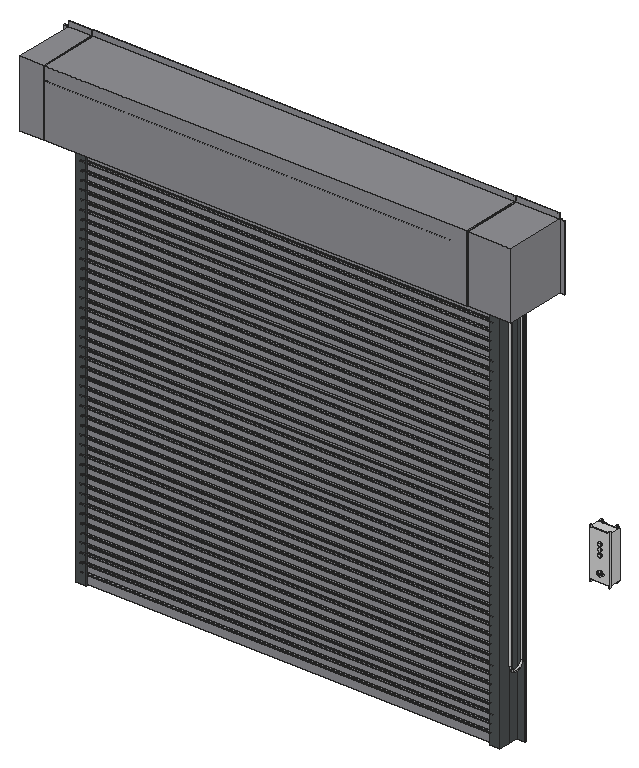
Revit family "EverServe-HD-Rolling-Steel-Service-Doors_OHD_Model-620S_compact", category Specialty Equipment, host Wall, Revit 2023
Family settings
  Host = Wall
  Round Connector Dimension = Use Diameter
  Part Type = Normal
  OmniClass Number = 23.30.10.21.34
  OmniClass Title = Industrial Doors
  Enable Cutting in Views = No
  Always vertical = Yes
  Cut with Voids When Loaded = Yes
  Maintain Annotation Orientation = No
  Shared = No
  Room Calculation Point = No
Parameters (values of type "208 volts, one phase, 60 Hz (208-240V range)")
  Warning Sign [instance] = if(Calculated Area > 683.00 SF, 1 = 1, 1 = 2)  # no
  Warning (Note) [instance] = if(Warning Sign, "The Door Area is out of the limit; please adjust accordingly. The maximum allowed area is 683 sq. ft.", if(Opening Height > 360", "Headroom Clearance Dimensions - out of the limits. Consult Factory", " "))  # " "
  Wall Thickness [instance] = 6"
  Voltage = 208 V
  Version = "1.00.01"  # constant formula
  True Opening Width [instance] = Clear Width  # 120"
  True Opening Height [instance] = Clear Height  # 120"
  Slat Type [instance] = if(Slat Option < 2, "C-187", if(Slat Option = 2, "C-275", if(Slat Option = 3, "F-265", "FE-265")))  # "F-265"
  Slat Option [instance] = 3  # constant formula
  Slat Length [instance] = Clear Width + G Value * 2 - 1" / 2 * 2  # 126"
  Slat Height [instance] = if(Slat < 2, 11 9/32", if(Slat = 2, 13 3/4", 13 19/128"))  # 13 19/128"
  Slat [instance] = if(Slat Option < 2, 1, if(Slat Option = 2, 2, if(Slat Option = 3, 3, 4)))  # 3
  Product Page URL = "https://www.overheaddoor.com/rolling-steel-service-doors-620S"
  Power Factor = 1
  Powder Coat (Note) = "PowderGuard® Premium powder coat finish options are available in approximately 200 colors as well as custom matching to specification. PowderGuard® Textured finish, a thicker, more scratch resistant coat, is available in 11 colors providing enhanced scratch resistance as well as aiding in hiding the dirt and blemishes that often occur in commercial environments.​"  # constant formula
  Opening Width Real [instance] = if(Opening Width > Max Opening Width, Max Opening Width, if(Opening Width < Min Opening Width, Min Opening Width, Opening Width))  # 120"
  Opening Width [instance] = 120"
  Opening Height Real [instance] = if(Opening Height > Max Opening Height, Max Opening Height, if(Opening Height < Min Opening Height, Min Opening Height, Opening Height))  # 120"
  Opening Height [instance] = 120"
  One Array element [instance] = not(Array Vis)  # no
  Number of Poles = 1
  Motor Position [instance] = M Value - G Value  # 2 3/4"
  Min Opening Width [instance] = 18"  # constant formula
  Min Opening Height [instance] = 24"  # constant formula
  Max Opening Width [instance] = 360"  # constant formula
  Max Opening Height [instance] = 240"  # constant formula
  Material Finish [instance] = 620S : Standard - Gray
  M Value [instance] = if(or(Opening Width < 108", Opening Width = 108"), 5 3/4", if(or(Opening Width < 180", Opening Width = 180"), 6 1/4", if(or(Opening Width < 240", Opening Width = 240"), 7 1/4", 9 1/4")))  # 6 1/4"
  Installation Real [instance] = Wall Thickness  # 6"
  Hood Type [instance] = "Square Hood"  # constant formula
  Hood Offset [instance] = 4"  # constant formula
  Hood Material [instance] = Metal - Overhead Door - Gray
  Hood Height [instance] = A Value + 2"  # 20"
  Headroom Height Real [instance] = Hood Offset + Hood Height  # 24"
  Headroom Height [instance] = Headroom Height Real + 1 1/2"  # 25 1/2"
  HC 4 [instance] = if(or(Clear Height < 84", Clear Height = 84"), 16", if(or(Clear Height < 132", Clear Height = 132"), 18", if(or(Clear Height < 192", Clear Height = 192"), 20", 22")))  # 18"
  HC 3 [instance] = if(or(Clear Height < 108", Clear Height = 108"), 16", if(or(Clear Height < 168", Clear Height = 168"), 18", 20"))  # 18"
  HC 2 [instance] = if(or(Clear Height < 60", Clear Height = 60"), 14", if(or(Clear Height < 120", Clear Height = 120"), 16", if(or(Clear Height < 180", Clear Height = 180"), 18", 20")))  # 16"
  HC 1 [instance] = if(or(Clear Height < 96", Clear Height = 96"), 14", if(or(Clear Height < 168", Clear Height = 168"), 16", 18"))  # 16"
  Guide Type [instance] = "Angled Z Guide"  # constant formula
  Guid Depth [instance] = D Value  # 6 1/4"
  G Value [instance] = if(or(Opening Width < 108", Opening Width = 108"), 3", if(or(Opening Width < 180", Opening Width = 180"), 3 1/2", if(or(Opening Width < 240", Opening Width = 240"), 4", 5 9/16")))  # 3 1/2"
  Frequency = 60 Hz
  Face of Wall Offset [instance] = 5"  # constant formula
  Door Width True [instance] = Clear Width + M Value * 2  # 132 1/2"
  Door Width (Real) [instance] = Clear Width + 1"  # 121"
  Door Height True [instance] = Clear Width + Headroom Height  # 145 1/2"
  Door Height (Real) [instance] = Clear Height + Hood Offset  # 124"
  URL = "https://www.overheaddoor.com/"
  Product data url = "https://www.bimobject.com/overhead-door/product/everserve-hd-rolling-steel-service-doors-620S"
  Product Guid = "35622724-1bf1-4ce0-b9ef-a59f8e9f8129"
  Model = "620S"  # constant formula
  Manufacturer = "Overhead Door Corporation"  # constant formula
  Wall Closure = By host
  Floor To (CL) of Shaft [instance] = Clear Height + Hood Height / 2 + Hood Offset  # 134"
  Finish Material = Finish - Overhead Door - Black
  Description = "Everserve Model 620S Springless service door"  # constant formula
  Default Elevation = 0"
  Date Updated = "2026/05/29"  # constant formula
  D Value [instance] = if(or(Opening Width < 108", Opening Width = 108"), 5 11/16", if(or(Opening Width < 180", Opening Width = 180"), 6 1/4", if(or(Opening Width < 240", Opening Width = 240"), 6 3/16", 7 1/16")))  # 6 1/4"
  Clear Width [instance] = Opening Width Real  # 120"
  Clear Height [instance] = Opening Height Real  # 120"
  Current = 20 A
  BimObject_Variable_Connectors = "No"  # constant formula
  Backroom Depth [instance] = A Value + 1/2"  # 18 1/2"
  BJ Displacement Real [instance] = 0"  # constant formula
  Array Vis [instance] = if(Array < 2, 1 = 2, 1 = 1)  # yes
  Array Real [instance] = if(Array < 2, 2, Array)  # 10
  Array Length [instance] = (Array) * Slat Height  # 131 31/64"
  Array [instance] = rounddown(([Door Height (Real)] - 3") / Slat Height) + 1  # 10
  Calculated Area [instance] = [Door Width (Real)] * [Door Height (Real)]  # 104.194 SF
  Apparent Load Phase 3 = if(Number of Poles = 1, 0 VA, (Voltage * Current * sqrt(3)) / 3)  # 0 VA
  Apparent Load Phase 2 = if(Number of Poles = 1, 0 VA, (Voltage * Current * sqrt(3)) / 3)  # 0 VA
  Apparent Load Phase 1 = if(Number of Poles = 1, Voltage * Current, (Voltage * Current * sqrt(3)) / 3)  # 4160 VA
  A Value [instance] = if(Slat = 1, HC 1, if(Slat = 2, HC 2, HC 3))  # 18"
Reference planes (in)
  plane 1 "Center (Front/Back)": y = -14.625
  plane 2 "Center (Left/Right)": x = 0
  plane 3 "Left": x = -60
  plane 4 "Right": x = 60
  plane 5 "Exterior": y = -8.625
  plane 6 "Interior": y = -14.625
  plane 7: x = 66.25
  plane 8: x = -66.25
  plane 9: z = 120
  plane 10 "Main": y = -20.23437
  plane 11 "Backroom Depth": y = -32.125
  plane 12 "Main Door Block": y = -13.625
  plane 13 "Bottom Bar": z = 2.75
  plane 14: y = -20.875
  plane 15: z = 134.23438
  plane 16: z = 144
  plane 17: z = 124
  plane 18: z = 145.5
  plane 19: z = 0
  plane 20: z = 60
  plane 21: y = -20.0625
  plane 22: y = 18.375
  plane 23: y = -41.625
  plane 24 "Double Main": y = -19.656
  plane 25 "Headroom Top": z = 145.5
  plane 26: z = 134
  plane 27: x = 63.5
  plane 28: x = -63.5
  plane 29: z = 121.08594
  plane 30: y = -20.0625
  plane 31: z = 2.75
  plane 32: y = -20.0625
  plane 33: z = 121.08594
  plane 34: y = -20.0625
  plane 35: z = 15.89844
  plane 36: y = -20.0625
  plane 37: z = 29.04688
  plane 38: y = -20.0625
  plane 39: z = 42.19531
  plane 40: y = -20.0625
  plane 41: z = 55.34375
  plane 42: y = -20.0625
  plane 43: z = 68.49219
  plane 44: y = -20.0625
  plane 45: z = 81.64063
  plane 46: y = -20.0625
  plane 47: z = 94.78906
  plane 48: y = -20.0625
  plane 49: z = 107.9375
  plane 50: z = 2.75
  plane 51: y = -20.0625
  plane 52: z = 121.08594
  plane 53: y = -20.0625
  plane 54: z = 15.89844
  plane 55: y = -20.0625
  plane 56: z = 29.04688
  plane 57: y = -20.0625
  plane 58: z = 42.19531
  plane 59: y = -20.0625
  plane 60: z = 55.34375
  plane 61: y = -20.0625
  plane 62: z = 68.49219
  plane 63: y = -20.0625
  plane 64: z = 81.64063
  plane 65: y = -20.0625
  plane 66: z = 94.78906
  plane 67: y = -20.0625
  plane 68: z = 107.9375
  plane 69: y = -20.0625
Forms (in)
  Extrusion 1, void
    sketch origin (0, -13.625, 0) x (0, 0, -1) y (-1, 0, 0)
      loop
        line (-120, 60) -> (-120, -60) -> (0, -60) -> (0, 60) -> (-120, 60)
    from -1 to 5
Text (in)
  text "Exterior" at (-74.96733, 27.31104, 0), in view "Ref. Level"
  text "Interior" at (-74.96733, -25.14366, 0), in view "Ref. Level"
  text "Exterior" at (0, 40.15149, 123.01588), in view "Right"
  text "Interior" at (0, -64.39139, 123.01588), in view "Right"
  text "Interior" at (0, -31.01599, 123.00693), in view "Left"
  text "Exterior" at (0, 54.57065, 123.00693), in view "Left"
Dimensions and locks (in)
  equal spacing: plane 3 "Left", plane 2 "Center (Left/Right)", plane 4 "Right"
  "Clear Width": plane 3 "Left" to plane 4 "Right"
  level to host wall = 459.59655"
  "Clear Height": level to plane 9
  plane 7 to plane 8 = 132 1/2"
  equal spacing: plane 7, plane 2 "Center (Left/Right)", plane 8
  locked: plane 13 "Bottom Bar" to level at 2.75
  "Door Width True": plane 7 to plane 8
  locked: plane 14 to plane 10 "Main" at 0.64063
  "Array Length": plane 15 to plane 13 "Bottom Bar"
  "Backroom Depth": plane 11 "Backroom Depth" to plane 12 "Main Door Block"
  "Hood Height": plane 16 to plane 17
  locked: plane 18 to plane 16 at 1.5
  "Installation Real": plane 1 "Center (Front/Back)" to plane 5 "Exterior"
  "Wall Thickness": host wall to host wall
  equal spacing: plane 9, plane 20, plane 19
  locked: plane 10 "Main" to plane 21 at 0.17187
  equal spacing: plane 22, host wall, plane 23
  locked: plane 22 to plane 23 at 60
  locked: plane 10 "Main" to plane 24 "Double Main" at 0.57837
  "Hood Offset": plane 17 to plane 9
  "Headroom Height": plane 25 "Headroom Top" to plane 9
  "Floor To (CL) of Shaft": plane 26 to level
  "Motor Position": plane 7 to plane 27
  "Motor Position": plane 28 to plane 8
  "Guid Depth": plane 14 to plane 1 "Center (Front/Back)"
  "Slat Height": plane 15 to plane 29
  equal spacing: group 1, group 3, group 4, group 5, group 6, group 7, group 8, group 9, group 10, group 2  (x2)
  equal spacing: group 2, group 10, group 9, group 8, group 7, group 6, group 5, group 4, group 3, group 1
  equal spacing: group 12, group 20, group 19, group 18, group 17, group 16, group 15, group 14, group 13, group 11  (x2)
  equal spacing: group 11, group 13, group 14, group 15, group 16, group 17, group 18, group 19, group 20, group 12
  aligned and locked: plane 5 "Exterior" to host wall
  aligned and locked: host wall to plane 6 "Interior"
  aligned and locked: level to Extrusion 1 sketch curve
  aligned and locked: Extrusion 1 to plane 5 "Exterior"
  aligned and locked: plane 6 "Interior" to Extrusion 1
  aligned and locked: nested 1 to plane 2 "Center (Left/Right)"
  aligned and locked: nested 1 to level
  aligned and locked: level to plane 19
  aligned and locked: nested 1 to plane 1 "Center (Front/Back)"
  aligned and locked: plane 2 "Center (Left/Right)" to nested 2
  aligned and locked: nested 2 to plane 22
  aligned and locked: plane 23 to nested 3
  aligned and locked: nested 3 to plane 2 "Center (Left/Right)"
  aligned and locked: nested 4 to plane 20
  aligned and locked: plane 2 "Center (Left/Right)" to nested 4
  aligned and locked: nested 4 to plane 21
  aligned and locked: plane 4 "Right" to Extrusion 1 sketch curve
  aligned and locked: plane 3 "Left" to Extrusion 1 sketch curve
  aligned and locked: Extrusion 1 sketch curve to plane 9
  aligned and locked: plane 13 "Bottom Bar" to plane 31
  aligned and locked: plane 21 to plane 30
  aligned and locked: plane 29 to plane 33
  aligned and locked: plane 32 to plane 21
  aligned and locked: plane 13 "Bottom Bar" to plane 50
  aligned and locked: plane 21 to plane 51
  aligned and locked: plane 29 to plane 52
  aligned and locked: plane 53 to plane 21
  aligned and locked: plane 21 to nested 15
Nested families (in)
  nested 1: "Lifts" at (0, -14.625, 0), type "Frame Unit"
    with Square Hood yes, Round Hood no, Right Motor Position yes, Octagon Hood no, No Hood no, M Value 6 1/4", Hood Offset 4", Hood Height 20", Headroom Height Real 24", Half Hood Height 20", G Value 3 1/2", Shaft Offset 9 1/4", Headroom Height 24", Header Width 18 1/2", Guide Offset 3 1/2", Guide Z Wide 2 3/4", Floor To (CL) of Shaft 134", D Value 6 1/4"
  nested 2: "Label Annotation 1" at (0, 18.375, 0), visible <- "Warning Sign", type "Label Annotation 1"
  nested 3: "Label Annotation 1" at (0, -41.625, 0) x (-1, 0, 0) z (0, 0, 1), visible <- "Warning Sign", type "Label Annotation 1"
  nested 4: "Warning Sign" at (0, -20.0625, 60), visible <- "Warning Sign", type "Warning Sign"
    with Warning Sign no
  nested 5: "620S" at (0, -20.0625, 2.75), Slat Option <- "Slat", Opening Width <- "Slat Length", visible <- "Array Vis", type <- "Material Finish", type "Standard - Gray"
    with Void Offset 1", Void Height 1", Slat Width 0.63", Slat Position + Offset 14.044", Slat Position 13.15", Slat Option 3, Opening Width 126", Integrated Cutout no, F 265, FE 265 yes, Cutout Width Offset 1", Cutout Vertical Offset 0.894", Cutout Horizontal Offset 1", C 275 no, C 187 Standard no
  nested 6: "620S" at (0, -20.0625, 121.08594), Slat Option <- "Slat", Opening Width <- "Slat Length", visible <- "Array Vis", type <- "Material Finish", type "Standard - Gray"
    with Void Offset 1", Void Height 1", Slat Width 0.63", Slat Position + Offset 14.044", Slat Position 13.15", Slat Option 3, Opening Width 126", Integrated Cutout no, F 265, FE 265 yes, Cutout Width Offset 1", Cutout Vertical Offset 0.894", Cutout Horizontal Offset 1", C 275 no, C 187 Standard no
  nested 7: "620S" at (0, -20.0625, 15.89844), Slat Option <- "Slat", Opening Width <- "Slat Length", visible <- "Array Vis", type <- "Material Finish", type "Standard - Gray"
    with Void Offset 1", Void Height 1", Slat Width 0.63", Slat Position + Offset 14.044", Slat Position 13.15", Slat Option 3, Opening Width 126", Integrated Cutout no, F 265, FE 265 yes, Cutout Width Offset 1", Cutout Vertical Offset 0.894", Cutout Horizontal Offset 1", C 275 no, C 187 Standard no
  nested 8: "620S" at (0, -20.0625, 29.04688), Slat Option <- "Slat", Opening Width <- "Slat Length", visible <- "Array Vis", type <- "Material Finish", type "Standard - Gray"
    with Void Offset 1", Void Height 1", Slat Width 0.63", Slat Position + Offset 14.044", Slat Position 13.15", Slat Option 3, Opening Width 126", Integrated Cutout no, F 265, FE 265 yes, Cutout Width Offset 1", Cutout Vertical Offset 0.894", Cutout Horizontal Offset 1", C 275 no, C 187 Standard no
  nested 9: "620S" at (0, -20.0625, 42.19531), Slat Option <- "Slat", Opening Width <- "Slat Length", visible <- "Array Vis", type <- "Material Finish", type "Standard - Gray"
    with Void Offset 1", Void Height 1", Slat Width 0.63", Slat Position + Offset 14.044", Slat Position 13.15", Slat Option 3, Opening Width 126", Integrated Cutout no, F 265, FE 265 yes, Cutout Width Offset 1", Cutout Vertical Offset 0.894", Cutout Horizontal Offset 1", C 275 no, C 187 Standard no
  nested 10: "620S" at (0, -20.0625, 55.34375), Slat Option <- "Slat", Opening Width <- "Slat Length", visible <- "Array Vis", type <- "Material Finish", type "Standard - Gray"
    with Void Offset 1", Void Height 1", Slat Width 0.63", Slat Position + Offset 14.044", Slat Position 13.15", Slat Option 3, Opening Width 126", Integrated Cutout no, F 265, FE 265 yes, Cutout Width Offset 1", Cutout Vertical Offset 0.894", Cutout Horizontal Offset 1", C 275 no, C 187 Standard no
  nested 11: "620S" at (0, -20.0625, 68.49219), Slat Option <- "Slat", Opening Width <- "Slat Length", visible <- "Array Vis", type <- "Material Finish", type "Standard - Gray"
    with Void Offset 1", Void Height 1", Slat Width 0.63", Slat Position + Offset 14.044", Slat Position 13.15", Slat Option 3, Opening Width 126", Integrated Cutout no, F 265, FE 265 yes, Cutout Width Offset 1", Cutout Vertical Offset 0.894", Cutout Horizontal Offset 1", C 275 no, C 187 Standard no
  nested 12: "620S" at (0, -20.0625, 81.64063), Slat Option <- "Slat", Opening Width <- "Slat Length", visible <- "Array Vis", type <- "Material Finish", type "Standard - Gray"
    with Void Offset 1", Void Height 1", Slat Width 0.63", Slat Position + Offset 14.044", Slat Position 13.15", Slat Option 3, Opening Width 126", Integrated Cutout no, F 265, FE 265 yes, Cutout Width Offset 1", Cutout Vertical Offset 0.894", Cutout Horizontal Offset 1", C 275 no, C 187 Standard no
  nested 13: "620S" at (0, -20.0625, 94.78906), Slat Option <- "Slat", Opening Width <- "Slat Length", visible <- "Array Vis", type <- "Material Finish", type "Standard - Gray"
    with Void Offset 1", Void Height 1", Slat Width 0.63", Slat Position + Offset 14.044", Slat Position 13.15", Slat Option 3, Opening Width 126", Integrated Cutout no, F 265, FE 265 yes, Cutout Width Offset 1", Cutout Vertical Offset 0.894", Cutout Horizontal Offset 1", C 275 no, C 187 Standard no
  nested 14: "620S" at (0, -20.0625, 107.9375), Slat Option <- "Slat", Opening Width <- "Slat Length", visible <- "Array Vis", type <- "Material Finish", type "Standard - Gray"
    with Void Offset 1", Void Height 1", Slat Width 0.63", Slat Position + Offset 14.044", Slat Position 13.15", Slat Option 3, Opening Width 126", Integrated Cutout no, F 265, FE 265 yes, Cutout Width Offset 1", Cutout Vertical Offset 0.894", Cutout Horizontal Offset 1", C 275 no, C 187 Standard no
  nested 15: "620S" at (0, -20.0625, 2.75), Slat Option <- "Slat", Opening Width <- "Slat Length", visible <- "One Array element", type <- "Material Finish", type "Standard - Gray"
    with Void Offset 1", Void Height 1", Slat Width 0.63", Slat Position + Offset 14.044", Slat Position 13.15", Slat Option 3, Opening Width 126", Integrated Cutout no, F 265, FE 265 yes, Cutout Width Offset 1", Cutout Vertical Offset 0.894", Cutout Horizontal Offset 1", C 275 no, C 187 Standard no
Connectors (in)
  electrical at (91.25, -17.915, 60), driven by "Apparent Load Phase 1", driven by "Apparent Load Phase 2", driven by "Apparent Load Phase 3", driven by "Power Factor", driven by "Voltage", driven by "Number of Poles"
    settings: on nested 1, index 1, voltage 208 V, apparent load 0 VA, apparent load phase1 4160 VA, apparent load phase2 0 VA, apparent load phase3 0 VA, power factor 1, load classification "Other", number of poles 1, system type 31, power factor state 1, is connector primary yes, connector utility no, sub classification motor no, connector description "Electrical Connector"
Definition of nested family "Lifts"
  Parameters (values of type "Frame Unit")
    True Width = if(Between Jambs, Opening Width, Opening Width + 1/2")  # 120 1/2"
    Square Hood [instance] = if(Hood Option = 2, 1 = 1, 1 = 2)  # yes
    Slat Option = 1
    Round Hood [instance] = if(Hood Option > 3, 1 = 1, 1 = 2)  # no
    Rough Width = 0"
    Rough Height = 0"
    Right Motor Position [instance] = yes
    Octagon Hood [instance] = if(Hood Option = 3, 1 = 1, 1 = 2)  # no
    No Hood [instance] = if(Hood Option < 2, 1 = 1, 1 = 2)  # no
    M Value = 7 1/2"
    Hood Type = if(Hood Option < 2, "No Hood", if(Hood Option = 2, "Square Hood", if(Hood Option = 3, "Octagon Hood", "Round Hood")))  # "Square Hood"
    Hood Option = 2
    Hood Offset = 3"
    Hood Height = Headroom Height Real - Hood Offset  # 18"
    Headroom Height Real = Headroom Height  # 21"
    Half Octagon Side = 3.41726"
    Half Hood Height = Headroom Height - Hood Offset  # 18"
    G Value = 4 1/2"
    E Guide Width = if(Between Jambs, Guide Offset - G Value + BJ Connection Length - BJ Displacement * 2 / 3, 3")  # 3"
    E Guide Height = 3"  # constant formula
    Z Guide = 1 = 1  # yes
    Slat Material = none
    Shaft Offset = if(Hood Height < Header Width, (Header Width - (Header Width - Hood Height)) / 2, Header Width / 2)  # 8 1/4"
    Shaft Material = none
    Shaft Length 2 = 18"  # constant formula
    Shaft Length 1 = 12"  # constant formula
    Setback = if(Between Jambs, 0", 1/2")  # 1/2"
    Opening Width = 120"
    Hood Material = none
    Headroom Height = 21"
    Header Width = 16 1/2"
    Opening Height = 120"
    Guide Type = if(Between Jambs, "Angled Between Jambs Z Guide", if(Guide Option > 1, "Angled Z Guide", "Angled E Guide"))  # "Angled Z Guide"
    Guide Option = if(Between Jambs, 1, 2)  # 2
    Guide Offset = BJ Displacement + G Value  # 4 1/2"
    Guide Z Wide = if(Between Jambs, Guide Offset - G Value + BJ Connection Length - BJ Displacement * 2 / 3, M Value - G Value)  # 3"
    Guide Z Height = 3"  # constant formula
    Floor To (CL) of Shaft = 132"
    Finish Material = none
    Face to Wall Mount = not(Between Jambs)  # yes
    E Guide = if(Between Jambs, 1 = 1, 1 = 2)  # no
    Default Elevation = 0"
    D Value = 5 3/16"
    Chain offset = if(Opening Height < 35", Opening Height - 5", 30")  # 30"
    Between Jambs = no
    BJ Position = if(Between Jambs, 1/4", 0")  # 0"
    BJ Displacement = 0"
    BJ Connection Length = 1 / 3 * BJ Displacement  # 0"
    Angled Guide = 1 = 1  # yes
    1 = 14.57"
  Reference planes (in)
    plane 1 "Center (Front/Back)": y = 0
    plane 2: z = 0
    plane 3 "Center (Left/Right)": x = 0
    plane 4 "Opening Height": z = 120
    plane 5: x = -72
    plane 6: x = 78
    plane 7: z = 141
    plane 8: y = 16.5
    plane 9 "Real Opening 2": x = -60
    plane 10 "Real Opening 1": x = 60
    plane 11: z = 123
    plane 12 "Main": y = 0
    plane 13: z = 132
    plane 14: x = 64.5
    plane 15: x = -64.5
    plane 16: x = -64.5
    plane 17: x = 64.5
    plane 18: y = 5.1875
    plane 19: x = -64.25
    plane 20: x = 64.25
    plane 21: z = 142.5
    plane 22: y = 5.1875
    plane 23: y = 4.0625
    plane 24: y = 5.1875
    plane 25: y = 4.0625
    plane 26: y = 0.25
    plane 27: z = 123
    plane 28: z = 30
    plane 29: z = 0
    plane 30: x = 74
    plane 31: x = 92.25
    plane 32: z = 60
    plane 33: x = 89.2
    plane 34: x = 95.3
    plane 35: y = 3.54
    plane 36: x = 76.25
    plane 37: x = -70.25
  Forms (in)
    Extrusion 1, solid, material <- "Slat Material"
      sketch origin (0, 0, 0) x (0, 1, 0) y (0, 0, 1)
        loop
          line (4.375, 2.375) -> (4.375, 2.75) -> (3.75, 2.75) -> (3.75, 2.375) -> (4.375, 2.375)
      from -64.25 to 64.25
    Extrusion 2, solid, material <- "Slat Material"
      sketch origin (0, 0, 0) x (0, 1, 0) y (0, 0, 1)
        loop
          line (4.375, 2.375) -> (3.75, 2.375) -> (3.75, 0) -> (4.375, 0) -> (4.375, 2.375)
      from -64.25 to 64.25
    Extrusion 3, solid, material <- "Shaft Material"
      sketch origin (0, -5.35201, 0) x (0, 1, 0) y (0, 0, 1)
        loop
          circle (13.60201, 132) r 0.6
      from -70.25 to 76.25
    Extrusion 4, solid, material <- "Hood Material", visible <- "Square Hood"
      sketch origin (0, 0, 0) x (0, 1, 0) y (0, 0, 1)
        loop
          line (0, 123) -> (16.5, 123) -> (16.5, 142.5) -> (0, 142.5) -> (0, 123)
      from -64.25 to 64.25
    Extrusion 5, solid, material <- "Finish Material", visible <- "E Guide"
      sketch origin (0, 0, 0) x (1, 0, 0) y (0, 1, 0)
        loop
          line (61.5, 0) -> (64.5, 0) -> (64.5, 3) -> (64.4375, 3)
          arc (64.4375, 3) -> (64.30492, 2.94508) -> (64.25, 2.8125) r 0.1875
          line (64.25, 2.8125) -> (64.25, 0.25) -> (61.6875, 0.25)
          arc (61.6875, 0.25) -> (61.55492, 0.19508) -> (61.5, 0.0625) r 0.1875
          line (61.5, 0.0625) -> (61.5, 0)
        loop
          line (-61.5, 0) -> (-61.5, 0.0625)
          arc (-61.5, 0.0625) -> (-61.55492, 0.19508) -> (-61.6875, 0.25) r 0.1875
          line (-61.6875, 0.25) -> (-64.25, 0.25) -> (-64.25, 2.8125)
          arc (-64.25, 2.8125) -> (-64.30492, 2.94508) -> (-64.4375, 3) r 0.1875
          line (-64.4375, 3) -> (-64.5, 3) -> (-64.5, 0) -> (-61.5, 0)
      from 0 to 123
    Extrusion 6, solid, material <- "Finish Material", visible <- "Z Guide"
      sketch origin (0, 0, 0) x (1, 0, 0) y (0, 1, 0)
        loop
          line (67.5, 0) -> (67.5, 0.062)
          arc (67.5, 0.062) -> (67.44494, 0.19494) -> (67.312, 0.25) r 0.188
          line (67.312, 0.25) -> (64.75, 0.25) -> (64.75, 2.812)
          arc (64.75, 2.812) -> (64.69494, 2.94494) -> (64.562, 3) r 0.188
          line (64.562, 3) -> (64.5, 3) -> (64.5, 0) -> (67.5, 0)
        loop
          line (-67.5, 0) -> (-64.5, 0) -> (-64.5, 3) -> (-64.562, 3)
          arc (-64.562, 3) -> (-64.69494, 2.94494) -> (-64.75, 2.812) r 0.188
          line (-64.75, 2.812) -> (-64.75, 0.25) -> (-67.312, 0.25)
          arc (-67.312, 0.25) -> (-67.44494, 0.19494) -> (-67.5, 0.062) r 0.188
          line (-67.5, 0.062) -> (-67.5, 0)
      from 0 to 123
    Extrusion 7, solid, material <- "Finish Material", visible <- "Angled Guide"
      sketch origin (0, 0, 0) x (1, 0, 0) y (0, 1, 0)
        loop
          line (60.5, 5.1875) -> (60.5, 5.1245)
          arc (60.5, 5.1245) -> (60.55477, 4.99227) -> (60.687, 4.9375) r 0.187
          line (60.687, 4.9375) -> (64.25, 4.9375) -> (64.25, 3.1875) -> (60.5, 3.1875) -> (60.5, 3.1245)
          arc (60.5, 3.1245) -> (60.55477, 2.99227) -> (60.687, 2.9375) r 0.187
          line (60.687, 2.9375) -> (64, 2.9375) -> (64, 1.25) -> (64.25, 1.25) -> (64.25, 0.9375) -> (64.5, 0.9375) -> (64.5, 5.1875) -> (60.5, 5.1875)
        loop
          line (-60.5, 5.1875) -> (-64.5, 5.1875) -> (-64.5, 0.9375) -> (-64.25, 0.9375) -> (-64.25, 1.25) -> (-64, 1.25) -> (-64, 2.9375) -> (-60.687, 2.9375)
          arc (-60.687, 2.9375) -> (-60.55477, 2.99227) -> (-60.5, 3.1245) r 0.187
          line (-60.5, 3.1245) -> (-60.5, 3.1875) -> (-64.25, 3.1875) -> (-64.25, 4.9375) -> (-60.687, 4.9375)
          arc (-60.687, 4.9375) -> (-60.55477, 4.99227) -> (-60.5, 5.1245) r 0.187
          line (-60.5, 5.1245) -> (-60.5, 5.1875)
      from 0 to 123
    Extrusion 8, solid, material <- "Hood Material"
      sketch origin (0, 0, 0) x (-1, 0, 0) y (0, 0, 1)
        loop
          line (64.25, 123) -> (64.5, 123) -> (64.5, 141) -> (64.25, 141) -> (64.25, 123)
        loop
          line (-64.5, 123) -> (-64.25, 123) -> (-64.25, 141) -> (-64.5, 141) -> (-64.5, 123)
      from 0 to 16.5
    Extrusion 9, solid, material <- "Hood Material"
      sketch origin (0, 0, 0) x (1, 0, 0) y (0, 1, 0)
        loop
          line (-72, 0) -> (-64.5, 0) -> (-64.5, 16.5) -> (-72, 16.5) -> (-72, 0)
        loop
          line (78, 0) -> (78, 16.5) -> (64.5, 16.5) -> (64.5, 0) -> (78, 0)
      from 123 to 142.5
    Extrusion 10, void
      sketch origin (0, 0, 0) x (1, 0, 0) y (0, 0, 1)
        loop
          line (-72, 142.5) -> (-72, 123) -> (-70.5, 123) -> (-70.5, 141) -> (76.5, 141) -> (76.5, 120) -> (78, 120) -> (78, 142.5) -> (-72, 142.5)
      from -0.25 to -16.5
    Extrusion 11, void
      sketch origin (0, 0, 0) x (1, 0, 0) y (0, 0, 1)
        loop
          line (-72, 141) -> (-70.5, 141) -> (-70.5, 142.5) -> (-72, 142.5) -> (-72, 141)
        loop
          line (78, 141) -> (78, 142.5) -> (76.5, 142.5) -> (76.5, 141) -> (78, 141)
      from 0 to -0.25
    Sweep 12, solid
      path origin (74, -12.75, 1000) x (0, -1, 0) y (0, 0, 1)
        loop
          line (-26.53866, -877) -> (-26.53866, -970)
          arc (-26.53866, -970) -> (-24.10116, -972.4375) -> (-21.66366, -970) r 2.4375
          line (-21.66366, -970) -> (-21.66366, -877)
      profile origin (74, 13.78866, 76.5) x (-1, 0, 0) y (0, -1, 0)
        loop
          circle (0, 0.2675) r 0.2675
    Extrusion 13, solid
      sketch origin (92.25, 0, 60) x (1, 0, 0) y (0, 0, 1)
        loop
          line (-3.05, 6.9501) -> (-3.05, -6.9501) -> (-2.68608, -7.50057)
          arc (-2.68608, -7.50057) -> (-2.29289, -7.67009) -> (-1.98022, -7.37757) r 0.3909
          arc (-1.98022, -7.37757) -> (-1.82768, -7.14063) -> (-1.56135, -7.04853) r 0.43113
          line (-1.56135, -7.04853) -> (1.56135, -7.04853)
          arc (1.56135, -7.04853) -> (1.82768, -7.14063) -> (1.98022, -7.37757) r 0.43113
          arc (1.98022, -7.37757) -> (2.29289, -7.67009) -> (2.68608, -7.50057) r 0.3909
          line (2.68608, -7.50057) -> (3.05, -6.9501) -> (3.05, 6.9501) -> (2.68608, 7.50057)
          arc (2.68608, 7.50057) -> (2.29289, 7.67009) -> (1.98022, 7.37757) r 0.3909
          arc (1.98022, 7.37757) -> (1.82768, 7.14063) -> (1.56135, 7.04853) r 0.43113
          line (1.56135, 7.04853) -> (-1.56135, 7.04853)
          arc (-1.56135, 7.04853) -> (-1.82768, 7.14063) -> (-1.98022, 7.37757) r 0.43113
          arc (-1.98022, 7.37757) -> (-2.29289, 7.67009) -> (-2.68608, 7.50057) r 0.3909
          line (-2.68608, 7.50057) -> (-3.05, 6.9501)
      from 0 to -3.29
    Extrusion 14, solid
      sketch origin (92.25, 0, 60) x (1, 0, 0) y (0, 0, 1)
        loop
          line (3.05, -7.50057) -> (3.05, 7.50057) -> (2.68608, 7.50057) -> (2.68608, 6.9501) -> (-2.68608, 6.9501) -> (-2.68608, 7.50057) -> (-3.05, 7.50057) -> (-3.05, -7.50057) -> (-2.68608, -7.50057) -> (-2.68608, -6.9501) -> (2.68608, -6.9501) -> (2.68608, -7.50057) -> (3.05, -7.50057)
      from -3.54 to -3.29
    Extrusion 15, void
      sketch origin (101.25, 0, 60) x (0, -1, 0) y (0, 0, -1)
        loop
          line (-3.29, -7.6759) -> (-0.25, -7.6759) -> (-0.25, -6.9501) -> (-3.29, -6.9501) -> (-3.29, -7.6759)
        loop
          line (-3.29, 7.6759) -> (-3.29, 6.9501) -> (-0.25, 6.9501) -> (-0.25, 7.6759) -> (-3.29, 7.6759)
      from -12.05 to -5.95
    Extrusion 16, solid
      sketch origin (92.25, 0, 60) x (1, 0, 0) y (0, 0, 1)
        loop
          circle (0, -4.5) r 0.75
        loop
          circle (0, 3.35363) r 0.5
        loop
          circle (0, 1.85363) r 0.5
        loop
          circle (0, 0.35363) r 0.5
      from -3.54 to -3.66
    Extrusion 17, solid
      sketch origin (92.25, 0, 59.5) x (1, 0, 0) y (0, 0, 1)
        loop
          line (-0.6134, -3.85528) -> (-0.6134, -4.14472) -> (1.1366, -4.14472) -> (1.1366, -3.85528) -> (-0.6134, -3.85528)
      from -3.66 to -4.03743
  Cuts and joins
    Extrusion 10, Extrusion 11 cuts Extrusion 9
    Extrusion 10 cuts Extrusion 4
    Extrusion 15 cuts Extrusion 13
  Lines and regions (in)
    Masking region 1
      outline origin (0, 0, 0) x (1, 0, 0) y (0, 1, 0)
        loop
          line (-64.5, 16.5) -> (-64.5, 0) -> (64.5, 0) -> (64.5, 16.5) -> (-64.5, 16.5)
    Masking region 2
      outline origin (0, 0, 0) x (1, 0, 0) y (0, 1, 0)
        loop
          line (64.5, 0) -> (78, 0) -> (78, 0.25) -> (76.5, 0.25) -> (76.5, 16.5) -> (64.5, 16.5) -> (64.5, 0)
        loop
          line (-64.5, 0) -> (-64.5, 16.5) -> (-70.5, 16.5) -> (-70.5, 0.25) -> (-72, 0.25) -> (-72, 0) -> (-64.5, 0)
    Masking region 3
      outline origin (0, 0, 0) x (1, 0, 0) y (0, 1, 0)
        loop
          line (89.2, 3.54) -> (89.2, 0) -> (95.3, 0) -> (95.3, 3.54) -> (89.2, 3.54)
    Masking region 4
      outline origin (92.25, 0, 60) x (0, -1, 0) y (1, 0, 0)
        loop
          line (-3.54, -0.75) -> (-3.54, 0.75) -> (-3.66, 0.75) -> (-3.66, 1.1366) -> (-4.03743, 1.1366) -> (-4.03743, -0.6134) -> (-3.66, -0.6134) -> (-3.66, -0.75) -> (-3.54, -0.75)
    symbolic lines
      curve 1: line (-64.25, 0, 0) -> (-64.25, 16.5, 0)
      curve 2: line (64.25, 16.5, 0) -> (64.25, 0, 0)
      curve 4: line (-72, 0.25, 0) -> (78, 0.25, 0)
      curve 6: line (89.2, 3.29, 0) -> (95.3, 3.29, 0)
      curve 7: line (89.2, 0.25, 0) -> (95.3, 0.25, 0)
      curve 8: line (91.5, 3.66, 60) -> (93.3866, 3.66, 60)
    symbolic lines, visible <- "Octagon Hood"
      curve 3: line (-64.25, 12.69239, 0) -> (64.25, 12.69239, 0)
    reference lines
      curve 5: line (92.25, 0, 60) -> (101.25, 0, 60)
  Dimensions and locks (in)
    Extrusion 1 sketch curve to level = 2 3/8"
    locked: Extrusion 1 sketch curve to Extrusion 1 sketch curve at 0.625
    locked: Extrusion 2 sketch curve to level at 2.375
    "Headroom Height Real": plane 7 to plane 4 "Opening Height"
    plane 8 to plane 1 "Center (Front/Back)" = 16 1/2"
    "Opening Height": plane 4 "Opening Height" to level
    "Hood Offset": plane 11 to plane 4 "Opening Height"
    "BJ Position": plane 12 "Main" to plane 1 "Center (Front/Back)"
    "Header Width": plane 12 "Main" to plane 8
    "Floor To (CL) of Shaft": plane 13 to level
    "Shaft Offset": Extrusion 3 sketch curve to plane 8
    locked: Extrusion 2 sketch curve to Extrusion 2 sketch curve at 0.625
    "Guide Offset": plane 10 "Real Opening 1" to plane 14
    "Guide Offset": plane 15 to plane 9 "Real Opening 2"
    locked: Extrusion 5 sketch curve to Extrusion 5 sketch curve at 0.25  (x4)
    "E Guide Height": Extrusion 5 sketch curve to Extrusion 5 sketch curve  (x2)
    "E Guide Width": Extrusion 5 sketch curve to Extrusion 5 sketch curve  (x2)
    locked: Extrusion 6 sketch curve to Extrusion 6 sketch curve at 0.25  (x4)
    "Guide Z Wide": Extrusion 6 sketch curve to Extrusion 6 sketch curve  (x2)
    "Guide Z Height": Extrusion 6 sketch curve to Extrusion 6 sketch curve  (x2)
    locked: Extrusion 7 sketch curve to Extrusion 7 sketch curve at 0.25  (x8)
    locked: Extrusion 7 sketch curve to Extrusion 7 sketch curve at 2.25  (x2)
    locked: Extrusion 7 sketch curve to Extrusion 7 sketch curve at 4.25  (x2)
    locked: Extrusion 7 sketch curve to Extrusion 7 sketch curve at 0.3125  (x2)
    "Setback": plane 10 "Real Opening 1" to Extrusion 7 sketch curve
    "Setback": Extrusion 7 sketch curve to plane 9 "Real Opening 2"
    equal spacing: plane 15, plane 3 "Center (Left/Right)", plane 14
    "G Value": Extrusion 6 sketch curve to plane 9 "Real Opening 2"
    "G Value": plane 10 "Real Opening 1" to Extrusion 6 sketch curve
    "G Value": plane 10 "Real Opening 1" to plane 17
    "G Value": plane 16 to plane 9 "Real Opening 2"
    "Shaft Length 1": plane 5 to plane 9 "Real Opening 2"
    "Shaft Length 2": plane 6 to plane 10 "Real Opening 1"
    locked: Extrusion 2 to plane 17 at 0.25
    locked: Extrusion 2 to plane 16 at 0.25
    locked: plane 16 to plane 19 at 0.25
    locked: plane 20 to plane 17 at 0.25
    equal spacing: plane 9 "Real Opening 2", plane 3 "Center (Left/Right)", plane 10 "Real Opening 1"
    "Opening Width": plane 9 "Real Opening 2" to plane 10 "Real Opening 1"
    locked: plane 21 to plane 7 at 1.5
    "D Value": plane 1 "Center (Front/Back)" to plane 18
    "D Value": plane 22 to plane 1 "Center (Front/Back)"
    locked: plane 22 to plane 23 at 1.125
    equal spacing: Extrusion 1 sketch curve, plane 23, Extrusion 1 sketch curve
    "D Value": plane 24 to plane 1 "Center (Front/Back)"
    locked: plane 24 to plane 25 at 1.125
    equal spacing: Extrusion 2 sketch curve, plane 25, Extrusion 2 sketch curve
    "G Value": plane 10 "Real Opening 1" to Extrusion 7 sketch curve
    "G Value": Extrusion 7 sketch curve to plane 9 "Real Opening 2"
    locked: Extrusion 10 sketch curve to Extrusion 10 sketch curve at 1.5  (x2)
    locked: plane 26 to plane 12 "Main" at 0.25
    locked: Extrusion 11 sketch curve to Extrusion 11 sketch curve at 1.5  (x2)
    "Chain offset": plane 28 to plane 29
    locked: plane 30 to plane 6 at 4
    locked: plane 20 to plane 31 at 28
    locked: plane 32 to level at 60
    locked: curve 5 to curve 5 at 9
    plane 1 "Center (Front/Back)" to plane 35 = 3.54"
    equal spacing: plane 33, plane 31, plane 34
    locked: plane 33 to plane 34 at 6.1
    locked: plane 5 to plane 37 at 1.75
    locked: plane 36 to plane 6 at 1.75
    radius of Extrusion 5 sketch curve = 3/16"  (x4)
    radius of Extrusion 6 sketch curve = 0.188"  (x4)
    locked: Extrusion 7 sketch curve to Extrusion 7 sketch curve (radius 0.187")  (x4)
    aligned and locked: plane 2 to level
    aligned and locked: Extrusion 4 sketch curve to plane 8
    aligned and locked: plane 13 to Extrusion 3 sketch curve
    aligned and locked: plane 12 "Main" to Extrusion 5 sketch curve  (x2)
    aligned and locked: Extrusion 5 sketch curve to plane 14
    aligned and locked: plane 15 to Extrusion 5 sketch curve
    aligned and locked: Extrusion 6 sketch curve to plane 1 "Center (Front/Back)"  (x2)
    aligned and locked: Extrusion 7 sketch curve to Extrusion 7 sketch curve  (x4)
    aligned and locked: plane 18 to Extrusion 7 sketch curve
    aligned and locked: Extrusion 7 sketch curve to plane 18
    aligned and locked: plane 12 "Main" to Extrusion 4 sketch curve
    aligned and locked: Extrusion 8 sketch curve to plane 11  (x2)
    aligned and locked: Extrusion 8 sketch curve to plane 7  (x2)
    aligned and locked: plane 16 to Extrusion 8 sketch curve
    aligned and locked: Extrusion 8 sketch curve to plane 17
    aligned and locked: Masking region 1 sketch curve to Extrusion 4
    aligned and locked: Masking region 1 to curve 2  (x2)
    aligned and locked: Masking region 1 to curve 1  (x2)
    aligned and locked: Extrusion 2 to Extrusion 1
    aligned and locked: Extrusion 1 to Extrusion 2
    aligned and locked: Masking region 1 to plane 16
    aligned and locked: Masking region 1 to plane 17
    aligned and locked: plane 19 to Extrusion 8 sketch curve
    aligned and locked: plane 20 to Extrusion 8 sketch curve
    aligned and locked: plane 19 to Extrusion 4
    aligned and locked: Extrusion 4 to plane 20
    aligned and locked: plane 8 to Extrusion 8
    aligned and locked: plane 19 to curve 3
    aligned and locked: plane 20 to curve 3
    aligned and locked: Extrusion 4 sketch curve to plane 11
    aligned and locked: Extrusion 6 to plane 11
    aligned and locked: plane 11 to Extrusion 5
    aligned and locked: plane 11 to Extrusion 7
    aligned and locked: Extrusion 9 sketch curve to plane 5
    aligned and locked: plane 16 to Extrusion 9 sketch curve
    aligned and locked: plane 1 "Center (Front/Back)" to Extrusion 9 sketch curve
    aligned and locked: Extrusion 9 sketch curve to plane 8  (x2)
    aligned and locked: Extrusion 9 sketch curve to plane 6
    aligned and locked: Extrusion 9 sketch curve to plane 14
    aligned and locked: Extrusion 9 sketch curve to plane 1 "Center (Front/Back)"
    aligned and locked: Extrusion 9 to plane 11
    aligned and locked: Extrusion 9 to plane 21
    aligned and locked: Extrusion 10 sketch curve to plane 21
    aligned and locked: Extrusion 10 sketch curve to plane 7
    aligned and locked: Extrusion 10 sketch curve to plane 5
    aligned and locked: Extrusion 10 sketch curve to plane 6
    aligned and locked: Extrusion 10 sketch curve to plane 11
    aligned and locked: Extrusion 10 sketch curve to plane 4 "Opening Height"
    aligned and locked: Extrusion 10 to plane 8
    aligned and locked: Extrusion 10 to plane 26
    aligned and locked: Extrusion 4 sketch curve to plane 21
    aligned and locked: Extrusion 11 sketch curve to plane 5
    aligned and locked: Extrusion 11 sketch curve to plane 6
    aligned and locked: Extrusion 11 sketch curve to plane 7
    aligned and locked: Extrusion 11 sketch curve to plane 21
    aligned and locked: plane 21 to Extrusion 11 sketch curve
    aligned and locked: plane 7 to Extrusion 11 sketch curve
    aligned and locked: plane 26 to Extrusion 11
    aligned and locked: Extrusion 11 to plane 1 "Center (Front/Back)"
    aligned and locked: Masking region 2 sketch curve to plane 14
    aligned and locked: Masking region 2 sketch curve to cut or joined group of Extrusion 9, Extrusion 10, Extrusion 11  (x5)
    aligned and locked: cut or joined group of Extrusion 9, Extrusion 10, Extrusion 11 to Masking region 2 sketch curve
    aligned and locked: Masking region 2 sketch curve to plane 6
    aligned and locked: plane 16 to Masking region 2 sketch curve
    aligned and locked: Masking region 2 sketch curve to plane 26
    aligned and locked: Masking region 2 sketch curve to plane 5
    aligned and locked: plane 1 "Center (Front/Back)" to Masking region 2 sketch curve
    aligned and locked: curve 4 to plane 26
    aligned and locked: plane 5 to curve 4
    aligned and locked: plane 27 to Sweep 12 sketch curve  (x2)
    aligned and locked: plane 28 to Sweep 12 sketch curve  (x2)
    aligned and locked: plane 11 to plane 27
    aligned and locked: level to plane 29
    aligned and locked: plane 31 to curve 5
    aligned and locked: curve 5 to plane 32
    aligned and locked: Extrusion 3 to plane 36
    aligned and locked: plane 37 to Extrusion 3
    aligned and locked: plane 35 to Masking region 3
    aligned and locked: plane 1 "Center (Front/Back)" to Extrusion 13
    aligned and locked: Extrusion 13 sketch curve to plane 34
    aligned and locked: Extrusion 13 sketch curve to plane 33
    aligned and locked: plane 34 to Masking region 3 sketch curve
    aligned and locked: Masking region 3 sketch curve to plane 33
    aligned and locked: Masking region 3 sketch curve to plane 35
    aligned and locked: plane 33 to Extrusion 15
    aligned and locked: Extrusion 15 to plane 34
    aligned and locked: plane 33 to curve 6
    aligned and locked: plane 34 to curve 6
    aligned and locked: plane 33 to curve 7
    aligned and locked: plane 34 to curve 7
  Automatic sketch dimensions
    Extrusion 14 sketch curve to curve 5 = 3.05"
    Extrusion 14 sketch curve to Extrusion 14 sketch curve = 0.36392"  (x4)
    curve 5 to Extrusion 14 sketch curve = 2.68608"
    Extrusion 14 sketch curve to curve 5 = 7.50057"
    Extrusion 14 sketch curve to Extrusion 14 sketch curve = 0.55048"  (x4)
    curve 5 to Extrusion 14 sketch curve = 6.9501"
    Masking region 1 sketch curve to plane 1 "Center (Front/Back)" = 0"
    Masking region 1 sketch curve to plane 15 = 0"
    Masking region 1 sketch curve to plane 14 = 0"
    Sweep 12 sketch curve to plane 8 = 2.71134"
    Sweep 12 sketch curve to Sweep 12 sketch curve = 2 7/16"
    Sweep 12 sketch curve to profile plane = 0"
    Sweep 12 sketch curve to profile plane = 0.2675"
    Extrusion 13 sketch curve to Extrusion 13 sketch curve = 0.36392"  (x2)
    Extrusion 13 sketch curve to Extrusion 13 sketch curve = 0.32608"  (x4)
    Extrusion 13 sketch curve to Extrusion 13 sketch curve = 0.79865"  (x2)
    Extrusion 13 sketch curve to Extrusion 13 sketch curve = 1.48865"
    curve 5 to Extrusion 13 sketch curve = 1.56135"
    Extrusion 13 sketch curve to Extrusion 13 sketch curve = 0.69"  (x2)
    Extrusion 13 sketch curve to curve 5 = 7.50057"  (x2)
    Extrusion 13 sketch curve to Extrusion 13 sketch curve = 0.0209"  (x2)
    Extrusion 13 sketch curve to Extrusion 13 sketch curve = 0.21557"  (x4)
    Extrusion 13 sketch curve to Extrusion 13 sketch curve = 0.43113"  (x3)
    Extrusion 13 sketch curve to Extrusion 13 sketch curve = 0.55048"  (x2)
    curve 5 to Extrusion 13 sketch curve = 6.9501"  (x2)
    Extrusion 13 sketch curve to Extrusion 13 sketch curve = 0.09844"
    Extrusion 13 sketch curve to Extrusion 13 sketch curve = 0.3349"  (x2)
    Extrusion 15 sketch curve to plane 26 = 0"  (x2)
    Extrusion 15 sketch curve to plane 35 = 1/4"  (x2)
    plane 32 to Extrusion 15 sketch curve = 7.6759"
    Extrusion 15 sketch curve to Extrusion 15 sketch curve = 0.7258"  (x2)
    Extrusion 15 sketch curve to plane 32 = 6.9501"
    Extrusion 17 sketch curve to curve 5 = 0.6134"
    curve 5 to Extrusion 17 sketch curve = 1.1366"
    Extrusion 17 sketch curve to curve 5 = 4.64472"
    Extrusion 17 sketch curve to Extrusion 17 sketch curve = 0.28943"
    Extrusion 16 sketch curve to curve 5 = 0"  (x3)
    curve 5 to Extrusion 16 sketch curve = 0"
    curve 5 to Extrusion 16 sketch curve = 0.35363"
    curve 5 to Extrusion 16 sketch curve = 1.85363"
    curve 5 to Extrusion 16 sketch curve = 3.35363"
    Extrusion 16 sketch curve to curve 5 = 4 1/2"
    plane 1 "Center (Front/Back)" to Masking region 3 sketch curve = 0"
    curve 4 to plane 6 = 0"
    curve 7 to plane 26 = 0"
    curve 6 to plane 35 = 1/4"
    curve 3 to curve 1 = 3.80761"
    Masking region 4 sketch curve to curve 5 = 4.03743"
    Masking region 4 sketch curve to Masking region 4 sketch curve = 0.37743"
    Masking region 4 sketch curve to curve 5 = 3/4"
    Masking region 4 sketch curve to Masking region 4 sketch curve = 0.1366"
    curve 5 to Masking region 4 sketch curve = 3/4"
    Masking region 4 sketch curve to Masking region 4 sketch curve = 0.3866"
    Masking region 4 sketch curve to Masking region 4 sketch curve = 0.12"  (x2)
    curve 8 to curve 5 = 3.66"
    curve 8 to curve 5 = 3/4"
    curve 5 to curve 8 = 1.1366"
    Extrusion 1 sketch curve to Extrusion 1 sketch curve = 3/8"
    Extrusion 2 sketch curve to level = 0"
    radius of Extrusion 3 sketch curve = 0.6"
    radius of Sweep 12 sketch curve = 0.2675"
    radius of Extrusion 16 sketch curve = 3/4"
    radius of Extrusion 16 sketch curve = 1/2"  (x3)
Definition of nested family "620S"
  Parameters (values of type "Fenestration Large - Tan")
    Void Offset [instance] = if(Integrated Cutout, 0", 1")  # 0"
    Void Height [instance] = if(and(C 275, Perforation), 1.16", if(and([F 265, FE 265], Perforation), 2.3", 1"))  # 1"
    Standard = no
    Slat Width [instance] = if(Slat Option < 2, 0.53", if(Slat Option = 2, 0.88", 0.63"))  # 0.63"
    Slat Position + Offset [instance] = Slat Position + Cutout Vertical Offset  # 14.044"
    Slat Position [instance] = if(Slat Option < 2, 1.88" * 6, if(Slat Option = 2, 2 3/4" * 5, 2.63" * 5))  # 13.15"
    Slat Option [instance] = 3
    Rough Height = 0"
    Perforation = no
    Fenestration Small = no
    Fenestration Large = yes
    Cutout Width Offset [instance] = 1"  # constant formula
    Cutout Material 2 = none
    Cutout Horizontal Offset [instance] = if(Slat Option = 2, 0.847", 1")  # 1"
    Cutout Material = none
    Panel Material = none
    Opening Width [instance] = 128"
    Cutout Vertical Offset [instance] = if(Slat Option = 2, 1.605", 0.894")  # 0.894"
    F 265, FE 265 [instance] = if(Slat Option > 2, 1 = 1, 1 = 2)  # yes
    Default Elevation = 48"
    Integrated Cutout [instance] = if(and(or(Perforation, Fenestration Small), Slat Option > 1), 1 = 1, if(and(Fenestration Large, Slat Option > 2), 1 = 1, 1 = 2))  # yes
    C 275 [instance] = if(Slat Option = 2, 1 = 1, 1 = 2)  # no
    C 187 Standard [instance] = if(Slat Option < 2, 1 = 1, 1 = 2)  # no
    Analytic Construction = "<None>"
  Types (16): name | Void Offset | Void Height | Standard | Perforation | Fenestration Small | Fenestration Large | Integrated Cutout
    Standard - White | 1" | 1" | yes | no | no | no | no
    Standard - Tan | 1" | 1" | yes | no | no | no | no
    Standard - Brown | 1" | 1" | yes | no | no | no | no
    Standard - Gray | 1" | 1" | yes | no | no | no | no
    Perforated - Brown | 0" | 2.3" | no | yes | no | no | yes
    Perforated - Gray | 0" | 2.3" | no | yes | no | no | yes
    Perforated - Tan | 0" | 2.3" | no | yes | no | no | yes
    Perforated - White | 0" | 2.3" | no | yes | no | no | yes
    Fenestration Small - White | 0" | 1" | no | no | yes | no | yes
    Fenestration Small - Tan | 0" | 1" | no | no | yes | no | yes
    Fenestration Small - Gray | 0" | 1" | no | no | yes | no | yes
    Fenestration Small - Brown | 0" | 1" | no | no | yes | no | yes
    Fenestration Large - Brown | 0" | 1" | no | no | no | yes | yes
    Fenestration Large - White | 0" | 1" | no | no | no | yes | yes
    Fenestration Large - Tan | 0" | 1" | no | no | no | yes | yes
    Fenestration Large - Gray | 0" | 1" | no | no | no | yes | yes
  Reference planes (in)
    plane 1 "Center (Front/Back)": y = 0
    plane 2: z = 0
    plane 3 "Center (Left/Right)": x = 0
    plane 4: x = -64
    plane 5: x = 64
    plane 6: y = 0.63
    plane 7: y = 0
    plane 8: y = 0.315
    plane 9: y = 0.6
    plane 10: x = -63
    plane 11: x = 63
  Forms (in)
    Extrusion 1, solid, material <- "Panel Material", visible <- "F 265, FE 265"
      sketch origin (0, -4.98186, 13.12534) x (0, 1, 0) y (0, 0, 1)
        loop
          arc (5.02225, -13.3083) -> (5.02946, -13.359) -> (5.06714, -13.39369) r 0.07621
          line (5.06714, -13.39369) -> (5.48892, -13.52622)
          arc (5.48892, -13.52622) -> (5.57147, -13.52307) -> (5.61186, -13.45101) r 0.08448
          line (5.61186, -13.45101) -> (5.61186, -11.01166)
          arc (5.61186, -11.01166) -> (5.58856, -10.95542) -> (5.53233, -10.93213) r 0.07953
          line (5.53233, -10.93213) -> (5.07146, -10.90651)
          arc (5.07146, -10.90651) -> (5.05162, -10.89829) -> (5.0434, -10.87845) r 0.02806
          line (5.0434, -10.87845) -> (5.06714, -10.76816) -> (5.48892, -10.90069)
          arc (5.48892, -10.90069) -> (5.57147, -10.89754) -> (5.61186, -10.82548) r 0.08448
          line (5.61186, -10.82548) -> (5.61186, -8.38613)
          arc (5.61186, -8.38613) -> (5.58856, -8.32989) -> (5.53233, -8.3066) r 0.07953
          line (5.53233, -8.3066) -> (5.07145, -8.28099)
          arc (5.07145, -8.28099) -> (5.05162, -8.27278) -> (5.0434, -8.25295) r 0.02804
          line (5.0434, -8.25295) -> (5.06682, -8.14253) -> (5.48892, -8.27516)
          arc (5.48892, -8.27516) -> (5.57147, -8.27201) -> (5.61186, -8.19995) r 0.08448
          line (5.61186, -8.19995) -> (5.61186, -5.7606)
          arc (5.61186, -5.7606) -> (5.58856, -5.70436) -> (5.53233, -5.68106) r 0.07953
          line (5.53233, -5.68106) -> (5.07146, -5.65544)
          arc (5.07146, -5.65544) -> (5.05162, -5.64722) -> (5.0434, -5.62738) r 0.02806
          line (5.0434, -5.62738) -> (5.06714, -5.51709) -> (5.48892, -5.64963)
          arc (5.48892, -5.64963) -> (5.57147, -5.64648) -> (5.61186, -5.57441) r 0.08448
          line (5.61186, -5.57441) -> (5.61186, -3.13506)
          arc (5.61186, -3.13506) -> (5.58856, -3.07882) -> (5.53233, -3.05553) r 0.07953
          line (5.53233, -3.05553) -> (5.07145, -3.02992)
          arc (5.07145, -3.02992) -> (5.05162, -3.02171) -> (5.0434, -3.00188) r 0.02804
          line (5.0434, -3.00188) -> (5.06682, -2.89146) -> (5.48892, -3.02409)
          arc (5.48892, -3.02409) -> (5.57147, -3.02094) -> (5.61186, -2.94888) r 0.08448
          line (5.61186, -2.94888) -> (5.61186, -0.50953)
          arc (5.61186, -0.50953) -> (5.58856, -0.45329) -> (5.53233, -0.43) r 0.07953
          line (5.53233, -0.43) -> (5.07094, -0.40562)
          arc (5.07094, -0.40562) -> (5.05177, -0.39768) -> (5.04383, -0.37851) r 0.02711
          line (5.04383, -0.37851) -> (5.09718, -0.11725)
          arc (5.09718, -0.11725) -> (5.4945, 0.04334) -> (5.06596, 0.04602) r 0.21842
          line (5.06596, 0.04602) -> (4.98186, -0.36586)
          arc (4.98186, -0.36586) -> (4.99921, -0.43741) -> (5.06536, -0.46972) r 0.08656
          line (5.06536, -0.46972) -> (5.51923, -0.48958)
          arc (5.51923, -0.48958) -> (5.5423, -0.49909) -> (5.55186, -0.52214) r 0.03256
          line (5.55186, -0.52214) -> (5.55186, -2.94108)
          arc (5.55186, -2.94108) -> (5.53961, -2.96526) -> (5.51287, -2.9697) r 0.03
          line (5.51287, -2.9697) -> (5.0787, -2.83327) -> (5.09726, -2.74238)
          arc (5.09726, -2.74238) -> (5.49489, -2.58243) -> (5.06631, -2.57951) r 0.21842
          line (5.06631, -2.57951) -> (4.98186, -2.99139)
          arc (4.98186, -2.99139) -> (4.99921, -3.06294) -> (5.06536, -3.09526) r 0.08656
          line (5.06536, -3.09526) -> (5.51923, -3.11511)
          arc (5.51923, -3.11511) -> (5.5423, -3.12462) -> (5.55186, -3.14767) r 0.03256
          line (5.55186, -3.14767) -> (5.55186, -5.56661)
          arc (5.55186, -5.56661) -> (5.53961, -5.5908) -> (5.51287, -5.59523) r 0.03
          line (5.51287, -5.59523) -> (5.07902, -5.45891) -> (5.09752, -5.36831)
          arc (5.09752, -5.36831) -> (5.49485, -5.20773) -> (5.06631, -5.20505) r 0.21842
          line (5.06631, -5.20505) -> (4.98186, -5.61692)
          arc (4.98186, -5.61692) -> (4.99921, -5.68847) -> (5.06536, -5.72079) r 0.08656
          line (5.06536, -5.72079) -> (5.51923, -5.74064)
          arc (5.51923, -5.74064) -> (5.5423, -5.75015) -> (5.55186, -5.7732) r 0.03256
          line (5.55186, -5.7732) -> (5.55186, -8.19214)
          arc (5.55186, -8.19214) -> (5.53961, -8.21633) -> (5.51287, -8.22076) r 0.03
          line (5.51287, -8.22076) -> (5.0787, -8.08434) -> (5.09726, -7.99345)
          arc (5.09726, -7.99345) -> (5.49489, -7.83349) -> (5.06631, -7.83058) r 0.21842
          line (5.06631, -7.83058) -> (4.98186, -8.24245)
          arc (4.98186, -8.24245) -> (4.99921, -8.31401) -> (5.06536, -8.34632) r 0.08656
          line (5.06536, -8.34632) -> (5.51923, -8.36618)
          arc (5.51923, -8.36618) -> (5.5423, -8.37569) -> (5.55186, -8.39874) r 0.03256
          line (5.55186, -8.39874) -> (5.55186, -10.81768)
          arc (5.55186, -10.81768) -> (5.53961, -10.84186) -> (5.51287, -10.8463) r 0.03
          line (5.51287, -10.8463) -> (5.07902, -10.70997) -> (5.09752, -10.61938)
          arc (5.09752, -10.61938) -> (5.49485, -10.45879) -> (5.06631, -10.45611) r 0.21842
          line (5.06631, -10.45611) -> (4.98186, -10.86799)
          arc (4.98186, -10.86799) -> (4.99921, -10.93954) -> (5.06536, -10.97185) r 0.08656
          line (5.06536, -10.97185) -> (5.51923, -10.99171)
          arc (5.51923, -10.99171) -> (5.5423, -11.00122) -> (5.55186, -11.02427) r 0.03256
          line (5.55186, -11.02427) -> (5.55186, -13.44321)
          arc (5.55186, -13.44321) -> (5.53961, -13.46739) -> (5.51287, -13.47183) r 0.03
          line (5.51287, -13.47183) -> (5.0787, -13.3354) -> (5.09726, -13.24451)
          arc (5.09726, -13.24451) -> (5.49489, -13.08456) -> (5.06631, -13.08164) r 0.21842
          line (5.06631, -13.08164) -> (5.01978, -13.30779)
      from -64 to 64
    Extrusion 2, void
      sketch origin (0, 0, 0) x (0, 1, 0) y (0, 0, 1)
        loop
          line (0.57, 1.394) -> (0.57, 0.394) -> (0.63, 0.394) -> (0.63, 1.394) -> (0.57, 1.394)
        loop
          line (0.57, 4.024) -> (0.57, 3.024) -> (0.63, 3.024) -> (0.63, 4.024) -> (0.57, 4.024)
        loop
          line (0.57, 6.654) -> (0.57, 5.654) -> (0.63, 5.654) -> (0.63, 6.654) -> (0.57, 6.654)
        loop
          line (0.57, 9.284) -> (0.57, 8.284) -> (0.63, 8.284) -> (0.63, 9.284) -> (0.57, 9.284)
        loop
          line (0.57, 11.914) -> (0.57, 10.914) -> (0.63, 10.914) -> (0.63, 11.914) -> (0.57, 11.914)
      from -63 to 63
  Cuts and joins
    Extrusion 2 cuts Extrusion 1
  Lines and regions (in)
    reference lines
      curve 1: line (0, -4.98186, 12.78) -> (0, 10.0877, 12.78)
      curve 2: line (0, -2.86663, 14.044) -> (0, 7.73337, 14.044)
      curve 3: line (0, -2.86663, 11.414) -> (0, 7.73337, 11.414)
      curve 4: line (0, -2.86663, 8.784) -> (0, 7.73337, 8.784)
      curve 5: line (0, -2.86663, 6.154) -> (0, 7.73337, 6.154)
      curve 6: line (0, -2.86663, 0.894) -> (0, 7.73337, 0.894)
      curve 7: line (0, -2.86663, 3.524) -> (0, 7.73337, 3.524)
  Dimensions and locks (in)
    equal spacing: plane 4, plane 3 "Center (Left/Right)", plane 5
    "Opening Width": plane 4 to plane 5
    "Slat Width": plane 1 "Center (Front/Back)" to plane 6
    equal spacing: plane 1 "Center (Front/Back)", plane 8, plane 6
    locked: plane 9 to plane 6 at 0.03
    "Cutout Width Offset": plane 4 to plane 10
    "Cutout Width Offset": plane 5 to plane 11
    "Void Height": Extrusion 2 sketch curve to Extrusion 2 sketch curve  (x5)
    locked: Extrusion 2 sketch curve to Extrusion 2 sketch curve at 0.06  (x5)
    "Void Offset": plane 6 to Extrusion 2 sketch curve
    locked: curve 1 to level at 12.78
    "Slat Position": curve 6 to curve 2
    equal spacing: Extrusion 2 sketch curve, curve 3, Extrusion 2 sketch curve
    equal spacing: Extrusion 2 sketch curve, curve 4, Extrusion 2 sketch curve
    equal spacing: Extrusion 2 sketch curve, curve 6, Extrusion 2 sketch curve
    equal spacing: Extrusion 2 sketch curve, curve 5, Extrusion 2 sketch curve
    equal spacing: curve 6, curve 7, curve 5, curve 4, curve 3, curve 2
    equal spacing: Extrusion 2 sketch curve, curve 7, Extrusion 2 sketch curve
    "Cutout Vertical Offset": curve 6 to plane 2
    aligned and locked: plane 2 to level
    aligned and locked: plane 1 "Center (Front/Back)" to plane 7
    aligned and locked: plane 5 to Extrusion 1
    aligned and locked: plane 4 to Extrusion 1
    aligned and locked: plane 9 to nested 1
    aligned and locked: plane 3 "Center (Left/Right)" to nested 1
    aligned and locked: Extrusion 2 sketch curve to Extrusion 2 sketch curve  (x4)
    aligned and locked: plane 10 to Extrusion 2
    aligned and locked: plane 11 to Extrusion 2
    aligned and locked: plane 3 "Center (Left/Right)" to nested 2
    aligned and locked: plane 3 "Center (Left/Right)" to nested 3
    aligned and locked: plane 3 "Center (Left/Right)" to nested 4
    aligned and locked: plane 3 "Center (Left/Right)" to nested 5
    aligned and locked: plane 9 to nested 2
    aligned and locked: plane 9 to nested 3
    aligned and locked: plane 9 to nested 4
    aligned and locked: plane 9 to nested 5
  Automatic sketch dimensions
    curve 1 to Extrusion 1 sketch curve = 4.98186"  (x2)
    Extrusion 1 sketch curve to Extrusion 1 sketch curve = 0"  (x4)
    curve 1 to Extrusion 1 sketch curve = 0.02051"
    curve 1 to Extrusion 1 sketch curve = 2.64604"
    Extrusion 1 sketch curve to Extrusion 1 sketch curve = 0.06154"  (x4)
    curve 1 to Extrusion 1 sketch curve = 0.03317"
    Extrusion 1 sketch curve to Extrusion 1 sketch curve = 0.06197"
    curve 1 to Extrusion 1 sketch curve = 0.12438"
    Extrusion 1 sketch curve to Extrusion 1 sketch curve = 0.02153"
    Extrusion 1 sketch curve to Extrusion 1 sketch curve = 0.02196"  (x4)
    curve 1 to Extrusion 1 sketch curve = 2.74991"
    Extrusion 1 sketch curve to curve 1 = 0.39136"
    Extrusion 1 sketch curve to Extrusion 1 sketch curve = 0.0841"
    Extrusion 1 sketch curve to Extrusion 1 sketch curve = 0.02327"  (x4)
    Extrusion 1 sketch curve to Extrusion 1 sketch curve = 3/128"  (x2)
    Extrusion 1 sketch curve to Extrusion 1 sketch curve = 0.02374"  (x2)
    Extrusion 1 sketch curve to Extrusion 1 sketch curve = 0.00178"
    curve 1 to Extrusion 1 sketch curve = 0.06028"
    curve 1 to Extrusion 1 sketch curve = 2.68458"
    Extrusion 1 sketch curve to Extrusion 1 sketch curve = 0.00478"  (x2)
    Extrusion 1 sketch curve to Extrusion 1 sketch curve = 0.00479"  (x2)
    Extrusion 1 sketch curve to Extrusion 1 sketch curve = 0.01188"  (x4)
    curve 1 to Extrusion 1 sketch curve = 2.48793"
    Extrusion 1 sketch curve to Extrusion 1 sketch curve = 0.01156"
    Extrusion 1 sketch curve to Extrusion 1 sketch curve = 0.01822"
    Extrusion 1 sketch curve to curve 1 = 0.2281"
    Extrusion 1 sketch curve to Extrusion 1 sketch curve = 0.03122"
    curve 1 to Extrusion 1 sketch curve = 2.39704"
    Extrusion 1 sketch curve to Extrusion 1 sketch curve = 0.01856"  (x2)
    Extrusion 1 sketch curve to Extrusion 1 sketch curve = 0.00034"  (x6)
    Extrusion 1 sketch curve to Extrusion 1 sketch curve = 0.0185"  (x2)
    Extrusion 1 sketch curve to Extrusion 1 sketch curve = 0.18279"  (x3)
    Extrusion 1 sketch curve to Extrusion 1 sketch curve = 0.18305"  (x3)
    Extrusion 1 sketch curve to Extrusion 1 sketch curve = 0.41746"  (x2)
    Extrusion 1 sketch curve to Extrusion 1 sketch curve = 0.392"
